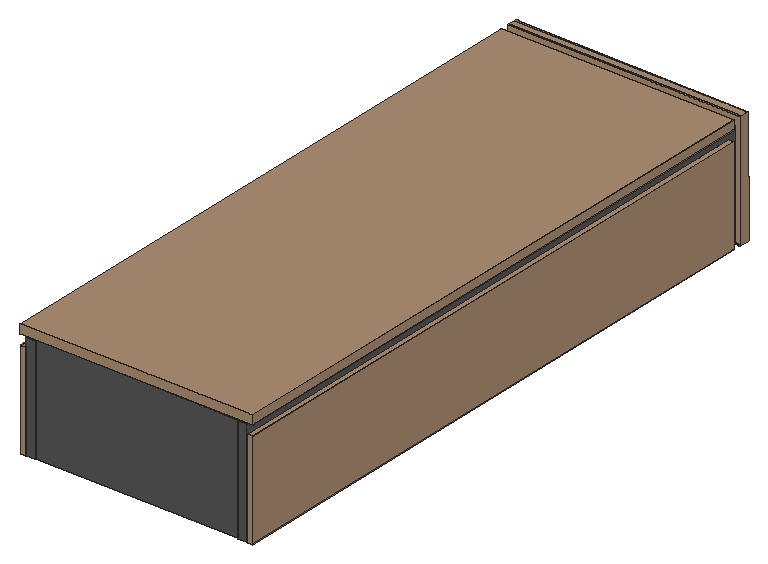
Revit family "Sanitary_Compound-Units_hansgrohe_54282XXX-Xilesa-E-Mid-height-cabinet_400-200_hinge-right", category Furniture, host Face, Revit 2022
Family settings
  Host = Face
  OmniClass Number = 23.21.19.15.33.13
  OmniClass Title = Residential Bathroom Specialty Casework
  Cut with Voids When Loaded = No
  Render Appearance Source = Family Geometry
  Shared = No
  Room Calculation Point = No
Parameters (values of type "550 Cashmere Oak")
  Version = 1  # constant formula
  URL = "https://www.hansgrohe.com/"
  Product data url = "https://www.bimobject.com/en/hansgrohe/product/54282XXX"
  Product Page URL = "https://www.hansgrohe.com/articledetail--54282550"
  Model = "54282XXX"  # constant formula
  Material 3 = Hansgrohe - Metal - Black
  Material 2 = Hansgrohe - MDF - Matt Black
  Material 1 = Hansgrohe - MDF - 550 Cashmere Oak (vertical)
  Manufacturer = "Hansgrohe"  # constant formula
  Height = 0 mm
  Description = "Xilesa E Mid-height cabinet 400/200, door hinge right"  # constant formula
  Default Elevation = 0 mm
  Date Updated = ""
  Date Created = "2024/02/03"  # constant formula
Types (5, lengths in mm): name | Material 1
  (no name) | Hansgrohe - MDF - 550 Cashmere Oak (vertical)
  550 Cashmere Oak | Hansgrohe - MDF - 550 Cashmere Oak (vertical)
  700 Matt White | Hansgrohe - MDF - 700 Matt White
  760 Slate Matt Grey | Hansgrohe - MDF - 760 Slate Matt Grey
  780 Sand Matt Beige | Hansgrohe - MDF - 780 Sand Matt Beige
Reference planes
  plane 1 "Center (Front/Back)": y = 0
  plane 2: z = 0
  plane 3 "Center (Left/Right)": x = 0
  plane 4: x = -200
  plane 5: x = 200
  plane 6: y = -1065
  plane 7: z = 200
Dimensions and locks
  aligned and locked: plane 2 to host face
  aligned and locked: level to host face
Nested families
  nested 1: "54282XXX" at (0, -1065, 0) x (1, 0, 0) z (0, 1, 0), Material 1 <- "Material 1", Material 2 <- "Material 2", Material 3 <- "Material 3", type "54282XXX"
    with Material 3 Hansgrohe - Metal - Black, Material 2 Hansgrohe - MDF - Matt Black, Material 1 Hansgrohe - MDF - 550 Cashmere Oak (vertical)
Definition of nested family "54282XXX"
  Parameters (values of type "54282XXX")
    Version = 1  # constant formula
    URL = "https://www.hansgrohe.com/"
    Product data url = "https://www.bimobject.com/en/hansgrohe/product/54282XXX"
    Product Page URL = "https://www.hansgrohe.com/articledetail--54282550"
    Model = "54282XXX"  # constant formula
    Material 3 [instance] = none
    Material 2 [instance] = none
    Material 1 [instance] = none
    Manufacturer = "Hansgrohe"  # constant formula
    Description = "Xilesa E Mid-height cabinet 400/200, door hinge right"  # constant formula
    Default Elevation = 1219.2 mm
    Date Updated = ""
    Date Created = "2024/12/16"  # constant formula
  Reference planes
    plane 1 "Center (Front/Back)": y = 0
    plane 2: z = 0
    plane 3 "Center (Left/Right)": x = 0
  Forms (mm)
    Extrusion 1, solid, material <- "Material 1", detail levels medium+fine
      sketch origin (0, 0, 0) x (1, 0, 0) y (0, 1, 0)
        loop
          line (-190.6, 0) -> (-199.2, 0)
          arc (-199.2, 0) -> (-199.766, -0.234) -> (-200, -0.8) r 0.8
          line (-200, -0.8) -> (-200, -165.9)
          arc (-200, -165.9) -> (-199.766, -166.466) -> (-199.2, -166.7) r 0.8
          line (-199.2, -166.7) -> (-190.6, -166.7)
          arc (-190.6, -166.7) -> (-190.034, -166.466) -> (-189.8, -165.9) r 0.8
          line (-189.8, -165.9) -> (-189.8, -0.8)
          arc (-189.8, -0.8) -> (-190.034, -0.234) -> (-190.6, 0) r 0.8
        loop
          arc (190.6, 0) -> (190.034, -0.234) -> (189.8, -0.8) r 0.8
          line (189.8, -0.8) -> (189.8, -165.9)
          arc (189.8, -165.9) -> (190.034, -166.466) -> (190.6, -166.7) r 0.8
          line (190.6, -166.7) -> (199.2, -166.7)
          arc (199.2, -166.7) -> (199.766, -166.466) -> (200, -165.9) r 0.8
          line (200, -165.9) -> (200, -0.8)
          arc (200, -0.8) -> (199.766, -0.234) -> (199.2, 0) r 0.8
          line (199.2, 0) -> (190.6, 0)
      from 0 to 1034
    Extrusion 2, solid, material <- "Material 1", detail levels medium+fine
      sketch origin (0, 0, 0) x (1, 0, 0) y (0, 1, 0)
        loop
          line (-199.2, -200) -> (199.2, -200)
          arc (199.2, -200) -> (199.766, -199.766) -> (200, -199.2) r 0.8
          line (200, -199.2) -> (200, -184.5)
          arc (200, -184.5) -> (199.766, -183.934) -> (199.2, -183.7) r 0.8
          line (199.2, -183.7) -> (-199.2, -183.7)
          arc (-199.2, -183.7) -> (-199.766, -183.934) -> (-200, -184.5) r 0.8
          line (-200, -184.5) -> (-200, -199.2)
          arc (-200, -199.2) -> (-199.766, -199.766) -> (-199.2, -200) r 0.8
      from 0 to 1034
    Extrusion 3, solid, material <- "Material 2", detail levels medium+fine
      sketch origin (0, 0, 0) x (1, 0, 0) y (0, 1, 0)
        loop
          line (-189.8, -0.8) -> (-189.8, -180.9)
          arc (-189.8, -180.9) -> (-189.566, -181.466) -> (-189, -181.7) r 0.8
          line (-189, -181.7) -> (-174.6, -181.7)
          arc (-174.6, -181.7) -> (-174.034, -181.466) -> (-173.8, -180.9) r 0.8
          line (-173.8, -180.9) -> (-173.8, -0.8)
          arc (-173.8, -0.8) -> (-174.034, -0.234) -> (-174.6, 0) r 0.8
          line (-174.6, 0) -> (-189, 0)
          arc (-189, 0) -> (-189.566, -0.234) -> (-189.8, -0.8) r 0.8
        loop
          arc (189.8, -0.8) -> (189.566, -0.234) -> (189, 0) r 0.8
          line (189, 0) -> (174.6, 0)
          arc (174.6, 0) -> (174.034, -0.234) -> (173.8, -0.8) r 0.8
          line (173.8, -0.8) -> (173.8, -180.9)
          arc (173.8, -180.9) -> (174.034, -181.466) -> (174.6, -181.7) r 0.8
          line (174.6, -181.7) -> (189, -181.7)
          arc (189, -181.7) -> (189.566, -181.466) -> (189.8, -180.9) r 0.8
          line (189.8, -180.9) -> (189.8, -0.8)
      from 0 to 1049
    Extrusion 4, solid, material <- "Material 2", detail levels fine
      sketch origin (0, 0, 0) x (1, 0, 0) y (0, 1, 0)
        loop
          line (-173.8, -17) -> (-173.8, -20) -> (173.8, -20) -> (173.8, -17) -> (-173.8, -17)
      from 17 to 1049
    Extrusion 5, solid, material <- "Material 2", detail levels fine
      sketch origin (0, 0, 0) x (1, 0, 0) y (0, 1, 0)
        loop
          line (-173.8, -1) -> (-173.8, -183.7) -> (173.8, -183.7) -> (173.8, -1) -> (-173.8, -1)
      from 0 to 17
    Extrusion 6, solid, material <- "Material 3", detail levels fine
      sketch origin (0, 0, 0) x (1, 0, 0) y (0, 1, 0)
        loop
          line (-172.3, -178.9) -> (-172.3, -161.2) -> (-173.8, -161.2) -> (-173.8, -178.9)
          arc (-173.8, -178.9) -> (-173.126, -180.526) -> (-171.5, -181.2) r 2.3
          line (-171.5, -181.2) -> (171.5, -181.2)
          arc (171.5, -181.2) -> (173.126, -180.526) -> (173.8, -178.9) r 2.3
          line (173.8, -178.9) -> (173.8, -161.2) -> (172.3, -161.2) -> (172.3, -178.9)
          arc (172.3, -178.9) -> (172.066, -179.466) -> (171.5, -179.7) r 0.8
          line (171.5, -179.7) -> (-171.5, -179.7)
          arc (-171.5, -179.7) -> (-172.066, -179.466) -> (-172.3, -178.9) r 0.8
      from 1016.75 to 1046.75
    Extrusion 7, solid, material <- "Material 1", detail levels coarse
      sketch origin (0, 0, 0) x (1, 0, 0) y (0, 1, 0)
        loop
          line (-200, 0) -> (-200, -200) -> (200, -200) -> (200, 0) -> (-200, 0)
      from 0 to 1065
    Extrusion 8, solid, material <- "Material 1", detail levels medium+fine
      sketch origin (0, 0, 0) x (0, 1, 0) y (0, 0, 1)
        loop
          line (-199, 1049) -> (-1, 1049)
          arc (-1, 1049) -> (-0.293, 1049.293) -> (0, 1050) r 1
          line (0, 1050) -> (0, 1064)
          arc (0, 1064) -> (-0.293, 1064.707) -> (-1, 1065) r 1
          line (-1, 1065) -> (-199, 1065)
          arc (-199, 1065) -> (-199.707, 1064.707) -> (-200, 1064) r 1
          line (-200, 1064) -> (-200, 1050)
          arc (-200, 1050) -> (-199.707, 1049.293) -> (-199, 1049) r 1
      from -200 to 200
    Extrusion 9, solid, material <- "Material 3", detail levels fine
      sketch origin (30, 38, 437.999) x (-1, 0, 0) y (0, 0, -1)
        loop
          arc (-119.8, -482) -> (-120.972, -479.172) -> (-123.8, -478) r 4
          line (-123.8, -478) -> (-138.8, -478)
          arc (-138.8, -478) -> (-141.628, -479.172) -> (-142.8, -482) r 4
          line (-142.8, -482) -> (-142.8, -540)
          arc (-142.8, -540) -> (-141.628, -542.829) -> (-138.8, -544) r 4
          line (-138.8, -544) -> (-123.8, -544)
          arc (-123.8, -544) -> (-120.972, -542.829) -> (-119.8, -540) r 4
          line (-119.8, -540) -> (-119.8, -482)
      from 218.9 to 221.7
    Extrusion 10, solid, material <- "Material 3", detail levels fine
      sketch origin (30, 38, 437.999) x (0, 1, 0) y (0, 0, -1)
        loop
          arc (-149.706, -520.501) -> (-147.938, -519.768) -> (-147.206, -518.001) r 2.5
          line (-147.206, -518.001) -> (-147.206, -504.001)
          arc (-147.206, -504.001) -> (-147.938, -502.233) -> (-149.706, -501.501) r 2.5
          line (-149.706, -501.501) -> (-172.206, -501.501)
          arc (-172.206, -501.501) -> (-175.035, -500.329) -> (-176.206, -497.501) r 4
          line (-176.206, -497.501) -> (-176.206, -489.501)
          arc (-176.206, -489.501) -> (-176.938, -487.733) -> (-178.706, -487.001) r 2.5
          line (-178.706, -487.001) -> (-188.706, -487.001)
          arc (-188.706, -487.001) -> (-190.474, -487.733) -> (-191.206, -489.501) r 2.5
          line (-191.206, -489.501) -> (-191.206, -497.501)
          arc (-191.206, -497.501) -> (-192.378, -500.329) -> (-195.206, -501.501) r 4
          line (-195.206, -501.501) -> (-206.544, -501.501) -> (-206.544, -520.501) -> (-195.206, -520.501)
          arc (-195.206, -520.501) -> (-192.378, -521.672) -> (-191.206, -524.501) r 4
          line (-191.206, -524.501) -> (-191.206, -532.501)
          arc (-191.206, -532.501) -> (-190.474, -534.268) -> (-188.706, -535.001) r 2.5
          line (-188.706, -535.001) -> (-178.706, -535.001)
          arc (-178.706, -535.001) -> (-176.938, -534.268) -> (-176.206, -532.501) r 2.5
          line (-176.206, -532.501) -> (-176.206, -524.501)
          arc (-176.206, -524.501) -> (-175.035, -521.672) -> (-172.206, -520.501) r 4
          line (-172.206, -520.501) -> (-149.706, -520.501)
      from -143.8 to -140.45
    Extrusion 11, solid, material <- "Material 3", detail levels fine
      sketch origin (30, 38, 437.999) x (-1, 0, 0) y (0, -1, 0)
        loop
          line (-126.45, 219.2) -> (-140.45, 219.2) -> (-140.45, 147.206) -> (-138.299, 147.206) -> (-138.299, 155.486) -> (-133.066, 160.422) -> (-130.658, 160.187) -> (-126.45, 219.2)
      from 504.25 to 517.75
    Extrusion 12, solid, material <- "Material 3", detail levels fine
      sketch origin (30, 38, -426.001) x (-1, 0, 0) y (0, 0, -1)
        loop
          arc (-119.8, -482) -> (-120.972, -479.172) -> (-123.8, -478) r 4
          line (-123.8, -478) -> (-138.8, -478)
          arc (-138.8, -478) -> (-141.628, -479.172) -> (-142.8, -482) r 4
          line (-142.8, -482) -> (-142.8, -540)
          arc (-142.8, -540) -> (-141.628, -542.829) -> (-138.8, -544) r 4
          line (-138.8, -544) -> (-123.8, -544)
          arc (-123.8, -544) -> (-120.972, -542.829) -> (-119.8, -540) r 4
          line (-119.8, -540) -> (-119.8, -482)
      from 218.9 to 221.7
    Extrusion 13, solid, material <- "Material 3", detail levels fine
      sketch origin (30, 38, -426.001) x (0, 1, 0) y (0, 0, -1)
        loop
          arc (-149.706, -520.501) -> (-147.938, -519.768) -> (-147.206, -518.001) r 2.5
          line (-147.206, -518.001) -> (-147.206, -504.001)
          arc (-147.206, -504.001) -> (-147.938, -502.233) -> (-149.706, -501.501) r 2.5
          line (-149.706, -501.501) -> (-172.206, -501.501)
          arc (-172.206, -501.501) -> (-175.035, -500.329) -> (-176.206, -497.501) r 4
          line (-176.206, -497.501) -> (-176.206, -489.501)
          arc (-176.206, -489.501) -> (-176.938, -487.733) -> (-178.706, -487.001) r 2.5
          line (-178.706, -487.001) -> (-188.706, -487.001)
          arc (-188.706, -487.001) -> (-190.474, -487.733) -> (-191.206, -489.501) r 2.5
          line (-191.206, -489.501) -> (-191.206, -497.501)
          arc (-191.206, -497.501) -> (-192.378, -500.329) -> (-195.206, -501.501) r 4
          line (-195.206, -501.501) -> (-206.544, -501.501) -> (-206.544, -520.501) -> (-195.206, -520.501)
          arc (-195.206, -520.501) -> (-192.378, -521.672) -> (-191.206, -524.501) r 4
          line (-191.206, -524.501) -> (-191.206, -532.501)
          arc (-191.206, -532.501) -> (-190.474, -534.268) -> (-188.706, -535.001) r 2.5
          line (-188.706, -535.001) -> (-178.706, -535.001)
          arc (-178.706, -535.001) -> (-176.938, -534.268) -> (-176.206, -532.501) r 2.5
          line (-176.206, -532.501) -> (-176.206, -524.501)
          arc (-176.206, -524.501) -> (-175.035, -521.672) -> (-172.206, -520.501) r 4
          line (-172.206, -520.501) -> (-149.706, -520.501)
      from -143.8 to -140.45
    Extrusion 14, solid, material <- "Material 3", detail levels fine
      sketch origin (30, 38, -426.001) x (-1, 0, 0) y (0, -1, 0)
        loop
          line (-126.45, 219.2) -> (-140.45, 219.2) -> (-140.45, 147.206) -> (-138.299, 147.206) -> (-138.299, 155.486) -> (-133.066, 160.422) -> (-130.658, 160.187) -> (-126.45, 219.2)
      from 504.25 to 517.75
  Lines and regions (mm)
    Masking region 1
      outline origin (0, 0, 0) x (1, 0, 0) y (0, 0, 1)
        loop
          line (0, 1065) -> (-199, 1065)
          arc (-199, 1065) -> (-199.707, 1064.707) -> (-200, 1064) r 1
          line (-200, 1064) -> (-200, 1050)
          arc (-200, 1050) -> (-199.707, 1049.293) -> (-199, 1049) r 1
          line (-199, 1049) -> (-189.8, 1049) -> (-189.8, 1034) -> (-199, 1034)
          arc (-199, 1034) -> (-199.707, 1033.707) -> (-200, 1033) r 1
          line (-200, 1033) -> (-200, 1)
          arc (-200, 1) -> (-199.707, 0.293) -> (-199, 0) r 1
          line (-199, 0) -> (0, 0) -> (199, 0)
          arc (199, 0) -> (199.707, 0.293) -> (200, 1) r 1
          line (200, 1) -> (200, 1033)
          arc (200, 1033) -> (199.707, 1033.707) -> (199, 1034) r 1
          line (199, 1034) -> (189.8, 1034) -> (189.8, 1049) -> (199, 1049)
          arc (199, 1049) -> (199.707, 1049.293) -> (200, 1050) r 1
          line (200, 1050) -> (200, 1064)
          arc (200, 1064) -> (199.707, 1064.707) -> (199, 1065) r 1
          line (199, 1065) -> (0, 1065)
    Masking region 2
      outline origin (0, 0, 0) x (0, 1, 0) y (0, 0, 1)
        loop
          line (-1, 1065) -> (-199, 1065)
          arc (-199, 1065) -> (-199.707, 1064.707) -> (-200, 1064) r 1
          line (-200, 1064) -> (-200, 1050)
          arc (-200, 1050) -> (-199.707, 1049.293) -> (-199, 1049) r 1
          line (-199, 1049) -> (-181.7, 1049) -> (-181.7, 1018.107) -> (-183.7, 1018.317) -> (-183.7, 1033)
          arc (-183.7, 1033) -> (-183.993, 1033.707) -> (-184.7, 1034) r 1
          line (-184.7, 1034) -> (-199, 1034)
          arc (-199, 1034) -> (-199.707, 1033.707) -> (-200, 1033) r 1
          line (-200, 1033) -> (-200, 1)
          arc (-200, 1) -> (-199.707, 0.293) -> (-199, 0) r 1
          line (-199, 0) -> (-184.7, 0)
          arc (-184.7, 0) -> (-183.993, 0.293) -> (-183.7, 1) r 1
          line (-183.7, 1) -> (-183.7, 15.692) -> (-181.7, 15.867) -> (-181.7, 1)
          arc (-181.7, 1) -> (-181.407, 0.293) -> (-180.7, 0) r 1
          line (-180.7, 0) -> (-1, 0)
          arc (-1, 0) -> (-0.293, 0.293) -> (0, 1) r 1
          line (0, 1) -> (0, 1064)
          arc (0, 1064) -> (-0.293, 1064.707) -> (-1, 1065) r 1
    Masking region 3
      outline origin (0, 0, 0) x (1, 0, 0) y (0, 1, 0)
        loop
          line (-199, -200) -> (199, -200)
          arc (199, -200) -> (199.707, -199.707) -> (200, -199) r 1
          line (200, -199) -> (200, -1)
          arc (200, -1) -> (199.707, -0.293) -> (199, 0) r 1
          line (199, 0) -> (-199, 0)
          arc (-199, 0) -> (-199.707, -0.293) -> (-200, -1) r 1
          line (-200, -1) -> (-200, -199)
          arc (-200, -199) -> (-199.707, -199.707) -> (-199, -200) r 1
    symbolic lines, detail levels medium+fine
      curve 1: line (0, -181.7, 1049) -> (0, 0, 1049)
      curve 2: line (0, -183.7, 1018.317) -> (0, -183.7, 15.692)
      curve 3: line (0, -181.7, 15.867) -> (0, -181.7, 1018.107)
      curve 7: line (0, -183.7, 1009.71) -> (0, -181.7, 1009.885)
      curve 8: line (0, -183.7, 24.317) -> (0, -181.7, 24.107)
      curve 9: line (-189.8, 0, 1034) -> (0, 0, 1034)
      curve 11: line (-189.8, 0, 1049) -> (0, 0, 1049)
      curve 12: line (189.8, 0, 1034) -> (0, 0, 1034)
      curve 14: line (189.8, 0, 1049) -> (0, 0, 1049)
    symbolic lines, detail levels fine
      curve 4: line (0, -166.7, 1033) -> (0, -166.7, 0)
      curve 5: line (0, 0, 1034) -> (0, -165.7, 1034)
      curve 6: arc (0, -165.7, 1034) -> (0, -166.407, 1033.707) -> (0, -166.7, 1033) r 1
      curve 10: line (-173.8, 0, 1034) -> (-173.8, 0, 1049)
      curve 13: line (173.8, 0, 1034) -> (173.8, 0, 1049)
  Dimensions and locks
    aligned and locked: level to plane 2
